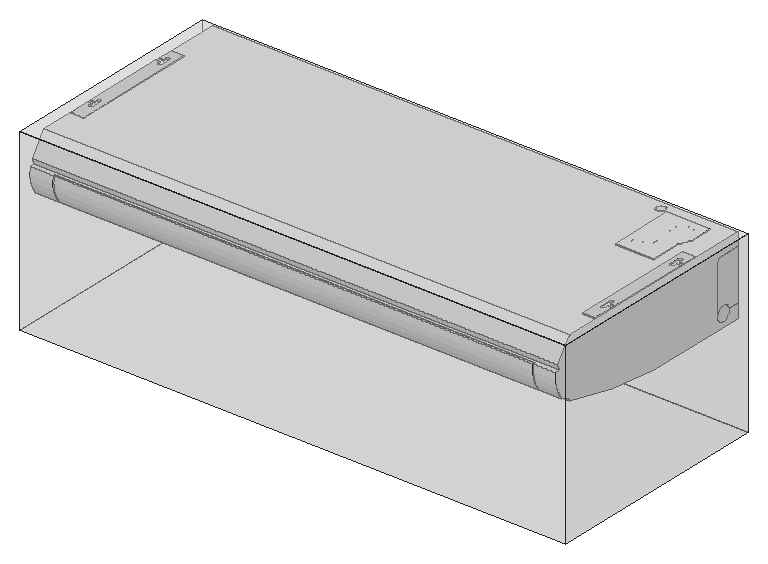
Revit family "outputfile", category 機械設備, Revit 2024
Family settings
  丸型コネクタ寸法 = 半径を使用
  パーツ タイプ = 標準
  OmniClass 番号 = 23.75.10.24.21.27.27
  OmniClass タイトル = Split System Air Conditioning Units
  作業面ベース = いいえ
  常に垂直 = はい
  ロード時にボイドで切り取り = いいえ
  注釈の向きを維持 = いいえ
  共有 = いいえ
  部屋計算ポイント = はい
Parameters (values of type "FHA125CVMA")
  製造元 = "Daikin"
  書き出し IFC クラス(タイプ) = "IfcUnitaryEquipmentType"
  定義済み IFC タイプ(タイプ) = "AIRCONDITIONINGUNIT"
  モデル = "FHA125CVMA"
  switch_frequency = yes
  r_Liquid Pipe Size = Liquid Pipe Size / 2  # 4.75 mm
  r_Gas Pipe Size = Gas Pipe Size / 2  # 7.95 mm
  r_Drain Pipe Size = Drain Pipe Size / 2  # 10.0 mm
  l_powersupply [instance] = if(Rear Right Connection_powersupply, 29.0 mm, 175.0 mm)  # 29.0 mm
  h_mountinghole = 2.0 mm
  connector_voltage = Voltage_50Hz  # 230 V
  connector_powerinput = [Power Input (Cooling)]  # 4.290 kW
  connector_phase = Phase_50Hz  # 1
  angle_vertical_powersupply [instance] = if(Rear Right Connection_powersupply, 90.00°, 180.00°)  # 90.00°
  angle_vertical_drainpipe [instance] = if(or(Left Connection_drainpipe, Right Connection_drainpipe), 90.00°, if(Top Connection_drainpipe, 180.00°, -90.00°))  # -90.00°
  angle_horizontal_powersupply [instance] = if(Rear Right Connection_powersupply, 180.00°, 0.00°)  # 180.00°
  angle_horizontal_drainpipe [instance] = if(Right Connection_drainpipe, 90.00°, if(Left Connection_drainpipe, -90.00°, 0.00°))  # 0.00°
  Voltage_comment_60Hz = "220-230"
  Voltage_comment_50Hz = "220-240"
  Voltage_60Hz = 220 V
  Voltage_50Hz = 230 V
  Total Heating Capacity [instance] = 0.000 kW
  Top Connection_refrigerant [instance] = no
  Top Connection_powersupply [instance] = not(Rear Right Connection_powersupply)  # no
  Right Connection_refrigerant [instance] = no
  Rear Right Connection_refrigerant [instance] = yes
  Phase_60Hz = 1
  Phase_50Hz = 1
  Material_Casing = DAIKIN_White_Casing_indoorunit
  lw_powersupply [instance] = if(Rear Right Connection_powersupply, 220.0 mm, 210.0 mm)  # 220.0 mm
  lw_mountinghole_pitch = Width - 40.0 mm  # 1550.0 mm
  lw_mountinghole = 20.0 mm
  lw_liquidpipe [instance] = if(Right Connection_refrigerant, 156.0 mm, if(Top Connection_refrigerant, 156.0 mm, 136.0 mm))  # 136.0 mm
  lw_gaspipe = 105.0 mm
  lw_drainpipe [instance] = if(Top Connection_drainpipe, 102.0 mm, if(Width = 960.0 mm, if(or(Left Connection_drainpipe, Rear Left Connection_drainpipe), 884.0 mm, 83.0 mm), if(Width = 1270.0 mm, if(or(Left Connection_drainpipe, Rear Left Connection_drainpipe), 1194.0 mm, 83.0 mm), if(Width = 1590.0 mm, if(or(Left Connection_drainpipe, Rear Left Connection_drainpipe), 1514.0 mm, 83.0 mm), 83.0 mm))))  # 83.0 mm
  lh_powersupply = 175.0 mm
  lh_liquidpipe [instance] = if(Rear Right Connection_refrigerant, 160.0 mm, 131.0 mm)  # 160.0 mm
  lh_gaspipe [instance] = if(Rear Right Connection_refrigerant, 150.0 mm, 91.0 mm)  # 150.0 mm
  lh_drainpipe = 197.0 mm
  l_antena = 1.0 mm
  ld_powersupply = 30.0 mm
  ld_mountinghole_pitch = 260.0 mm
  ld_mountinghole = 210.0 mm
  ld_liquidpipe [instance] = if(Right Connection_refrigerant, 57.0 mm, if(Top Connection_refrigerant, 189.0 mm, 221.0 mm))  # 221.0 mm
  ld_gaspipe [instance] = if(Right Connection_refrigerant, 57.0 mm, if(Top Connection_refrigerant, 163.0 mm, 214.0 mm))  # 214.0 mm
  ld_drainpipe [instance] = if(or(Left Connection_drainpipe, Right Connection_drainpipe), 57.0 mm, if(Top Connection_drainpipe, 87.0 mm, 268.0 mm))  # 268.0 mm
  l_liquidpipe_length [instance] = if(Right Connection_refrigerant, 156.0 mm, if(Top Connection_refrigerant, 131.0 mm, 220.0 mm))  # 220.0 mm
  l_gaspipe_length [instance] = if(Right Connection_refrigerant, 105.0 mm, if(Top Connection_refrigerant, 91.0 mm, 213.0 mm))  # 213.0 mm
  l_drainpipe_length [instance] = if(Right Connection_drainpipe, 83.0 mm, if(Top Connection_drainpipe, 197.0 mm, if(Left Connection_drainpipe, 76.0 mm, 267.0 mm)))  # 267.0 mm
  h*** = 0.0 mm
  angle_vertical [instance] = if(Right Connection_refrigerant, 90.00°, if(Top Connection_refrigerant, 180.00°, -90.00°))  # -90.00°
  angle_horizontal [instance] = if(Right Connection_refrigerant, 90.00°, 0.00°)  # 0.00°
  Width = 1590.0 mm
  Version = "ver.1.0"
  Unit Type = "Ceiling"
  Unit Mass Weight = 38.00 kg
  Unit Designation [instance] = ""
  Uniclass2015Version = "Products v1.30"
  Uniclass2015Title = "Split coil room air conditioning units"
  Uniclass2015Code = "Pr_70_65_03_86"
  Total Cooling Capacity [instance] = 0.000 kW
  Top Connection_drainpipe [instance] = no
  Sound Pressure Level_M speed (dBA) = 41
  Sound Pressure Level_L speed (dBA) = 37
  Sound Pressure Level_H speed (dBA) = 44
  Series = "SkyAir_Fan Coil Unit"
  Sensible Cooling Capacity [instance] = 0.000 kW
  Rear Right Connection_drainpipe [instance] = yes
  Rear Right Connection_powersupply [instance] = yes
  Right Connection_drainpipe [instance] = no
  Refrigerant Type = "R32"
  Power Input (Cooling) = 4.290 kW
  Option Accessory 3 [instance] = ""
  Option Accessory 2 [instance] = ""
  Option Accessory 1 [instance] = ""
  Nominal Cooling Capacity = 12.500 kW
  Minimum Airflow = 1380.00 m³/h
  Median Airflow = 1620.00 m³/h
  Maximum Airflow = 1860.00 m³/h
  Load Classification = HVAC
  Liquid Pipe Size = 9.5 mm
  Link_Nested Family [instance] = ""
  Rear Left Connection_drainpipe [instance] = no
  Left Connection_drainpipe [instance] = no
  IfcVersion = ""
  IfcExportType = "AIRCONDITIONINGUNIT"
  IfcExportAs = "IfcUnitaryEquipmentType"
  Height = 235.0 mm
  Heating Entering Wet Bulb Temperature [instance] = -273.15 °C
  Heating Entering Dry Bulb Temperature [instance] = -273.15 °C
  Heating Ambient Wet Bulb Temperature [instance] = -273.15 °C
  Heating Ambient Dry Bulb Temperature [instance] = -273.15 °C
  Heat Exchanger Type = "Cross Fin Coil"
  Gas Pipe Size = 15.9 mm
  Frequency_60Hz = 60 Hz
  Frequency_50Hz = 50 Hz
  Fan Type = "Sirocco Fan"
  Fan Drive = "Direct Drive"
  FCU Tag No. [instance] = ""
  Drain Pipe Size = 20.0 mm
  Design Supply Airflow [instance] = 0.00 m³/h
  Design Outdoor Airflow [instance] = 0.00 m³/h
  Depth = 690.0 mm
  既定の高さ = 0.0 mm
  Cooling Entering Wet Bulb Temperature [instance] = 0.00 °C
  Cooling Entering Dry Bulb Temperature [instance] = 0.00 °C
  Cooling Ambient Wet Bulb Temperature [instance] = 0.00 °C
  Cooling Ambient Dry Bulb Temperature [instance] = 0.00 °C
  Clearance visibility [instance] = yes
  Clearance Top = 5.0 mm
  Clearance Right = 30.0 mm
  Clearance Rear = 0.0 mm
  Clearance Left = 30.0 mm
  Clearance Front = 0.0 mm
  Clearance Bottom = 300.0 mm
Reference planes
  plane 1 "Back": y = 0
  plane 2: z = 0
  plane 3 "Center (Left/Right)": x = 0
  plane 4 "Center (Front/Back)": y = -1
  plane 5 "Front": y = -690
  plane 6 "Left": x = -795
  plane 7 "Right": x = 795
  plane 8 "Top": z = 0
  plane 9 "Bottom": z = -235
  plane 10: y = -690
  plane 11: x = -825
  plane 12: x = 825
  plane 13: z = 5
  plane 14: z = -535
  plane 15: y = 0
  plane 16 "lw_mountinghole": x = -775
  plane 17 "lw_mountinghole2": x = 775
  plane 18 "ld_mountinghole": y = -210
  plane 19 "ld_mountinghole2": y = -470
  plane 20 "lw_gaspipe": x = 690
  plane 21 "ld_gaspipe": y = -214
  plane 22 "lh_gaspipe": z = -150
  plane 23 "lw_liquidpipe": x = 659
  plane 24 "ld_liquidpipe": y = -221
  plane 25 "lh_liquidpipe": z = -160
  plane 26 "ld_drainpipe": y = -268
  plane 27 "lw_drainpipe": x = 712
  plane 28 "lh_drainpipe": z = -197
  plane 29 "lw_powersupply": x = 575
  plane 30 "lh_powersupply": z = -175
  plane 31 "ld_powersupply": y = -30
  plane 32: x = -725.5
  plane 33: x = 725.5
  plane 34: x = -750
  plane 35: x = 750
  plane 36: x = -2
  plane 37: x = 2
Forms (mm)
  Extrusion 1, solid, material "DAIKIN_White_Casing_indoorunit" <- "Material_Casing"
    sketch origin (0, 0, 0) x (0, 1, 0) y (0, 0, 1)
      loop
        line (-639.277, 0) -> (-680.876, -61.699) -> (-675.026, -77.772)
        arc (-675.026, -77.772) -> (-681.815, -78.743) -> (-688.601, -79.732) r 2634.132
        arc (-688.601, -79.732) -> (-687.018, -121.096) -> (-669.159, -158.439) r 102.2
        line (-669.159, -158.439) -> (-639.858, -169.325) -> (-635.895, -178.261)
        arc (-635.895, -178.261) -> (-479.121, -215.759) -> (-319.077, -235) r 1400.997
        line (-319.077, -235) -> (-1, -235) -> (-1, 0) -> (-639.277, 0)
    from -795 to 795
  Extrusion 2, solid, material "DAIKIN_White_Casing_indoorunit" <- "Material_Casing"
    sketch origin (0, 0, 0) x (0, 1, 0) y (0, 0, 1)
      loop
        arc (-688.601, -79.732) -> (-687.018, -121.096) -> (-669.159, -158.439) r 102.2
        line (-669.159, -158.439) -> (-665.589, -154.869)
        arc (-665.589, -154.869) -> (-682.432, -118.783) -> (-683.39, -78.971) r 97.2
        arc (-683.39, -78.971) -> (-685.996, -79.351) -> (-688.601, -79.732) r 2634.132
    from -725.5 to 725.5
  Extrusion 3, void
    sketch origin (0, 0, 0) x (0, 1, 0) y (0, 0, 1)
      loop
        line (-301.098, -235) -> (-21.098, -235) -> (-21.098, -230) -> (-301.098, -230) -> (-301.098, -235)
    from -750 to 750
  Extrusion 4, solid, material "DAIKIN_White_Grille_indoorunit"
    sketch origin (0, 0, 0) x (0, 1, 0) y (0, 0, 1)
      loop
        line (-20.098, -230) -> (-301.098, -230) -> (-301.098, -235) -> (-20.098, -235) -> (-20.098, -230)
    from -750 to -2
  Extrusion 5, solid, material "DAIKIN_White_Casing_indoorunit" <- "Material_Casing"
    sketch origin (0, 0, 0) x (1, 0, 0) y (0, 0, 1)
      loop
        line (602, -63) -> (602, -178) -> (673, -220) -> (736, -220) -> (736, -63) -> (602, -63)
    from 0 to 1
  Extrusion 6, solid, material "DAIKIN_White_Casing_indoorunit" <- "Material_Casing"
    sketch origin (0, 0, 0) x (-1, 0, 0) y (0, -1, 0)
      loop
        line (-607, 35) -> (-607, 230) -> (-723, 230) -> (-723, 135) -> (-738, 105) -> (-738, 35) -> (-607, 35)
    from 0 to 1.9
  Extrusion 7, void
    sketch origin (795, 0, 0) x (0, 1, 0) y (0, 0, 1)
      loop
        arc (-79.5, -197) -> (-55.446, -219.446) -> (-34.715, -193.9) r 22.5
        line (-34.715, -193.9) -> (-1, -193.9) -> (-1, -192.1) -> (-35.04, -192.1)
        arc (-35.04, -192.1) -> (-54.942, -174.594) -> (-77.7, -188.182) r 22.5
        line (-77.7, -188.182) -> (-77.7, -45)
        arc (-77.7, -45) -> (-76.528, -42.172) -> (-73.7, -41) r 4
        line (-73.7, -41) -> (-1, -41) -> (-1, -39.2) -> (-73.7, -39.2)
        arc (-73.7, -39.2) -> (-77.801, -40.899) -> (-79.5, -45) r 5.8
        line (-79.5, -45) -> (-79.5, -197)
      loop
        circle (-57, -197) r 20.7
    from 0 to -10
  Extrusion 8, void
    sketch origin (-1444.026, -1, 1200) x (1, 0, 0) y (0, 0, 1)
      loop
        arc (715.026, -1375) -> (704.42, -1379.393) -> (700.026, -1390) r 15
        line (700.026, -1390) -> (700.026, -1400)
        arc (700.026, -1400) -> (704.42, -1410.607) -> (715.026, -1415) r 15
        line (715.026, -1415) -> (745.026, -1415)
        arc (745.026, -1415) -> (755.633, -1410.607) -> (760.026, -1400) r 15
        line (760.026, -1400) -> (760.026, -1390)
        arc (760.026, -1390) -> (755.633, -1379.393) -> (745.026, -1375) r 15
        line (745.026, -1375) -> (715.026, -1375)
    from 0 to 10
  Extrusion 9, void
    sketch origin (-795, 0, 0) x (0, 1, 0) y (0, 0, 1)
      loop
        circle (-57, -197) r 22.5
    from 0 to 10
  Extrusion 10, void
    sketch origin (-1444.026, -1, 1200) x (1, 0, 0) y (0, 0, 1)
      loop
        circle (2136.026, -1375) r 44
    from 0 to 10
  Extrusion 11, void
    sketch origin (0, 0, 0) x (-1, 0, 0) y (0, -1, 0)
      loop
        circle (-693, 87) r 30
    from 0 to -10
  Extrusion 12, void
    sketch origin (0, 0, 0) x (-1, 0, 0) y (0, -1, 0)
      loop
        circle (-690, 163) r 18
    from 0 to -10
  Extrusion 13, void
    sketch origin (0, 0, 0) x (-1, 0, 0) y (0, -1, 0)
      loop
        circle (-639, 189) r 13
    from 0 to -10
  Extrusion 14, void
    sketch origin (-1444.026, -1, 1200) x (1, 0, 0) y (0, 0, 1)
      loop
        circle (2019.026, -1375) r 14.5
    from 0 to 10
  Extrusion 15, void
    sketch origin (0, 0, 0) x (-1, 0, 0) y (0, -1, 0)
      loop
        circle (-585, 30) r 14.5
    from 0 to -10
  Extrusion 16, void
    sketch origin (795, 0, 0) x (0, 1, 0) y (0, 0, 1)
      loop
        arc (-665.589, -154.869) -> (-682.432, -118.783) -> (-683.39, -78.971) r 97.2
        arc (-683.39, -78.971) -> (-685.996, -79.351) -> (-688.601, -79.732) r 2634.132
        arc (-688.601, -79.732) -> (-687.018, -121.096) -> (-669.159, -158.439) r 102.2
        line (-669.159, -158.439) -> (-665.589, -154.869)
    from -69.5 to -1520.5
  Extrusion 17, solid, material "DAIKIN_White_Casing_indoorunit" <- "Material_Casing"
    sketch origin (-795, 0, 0) x (0, 1, 0) y (0, 0, 1)
      loop
        circle (-57, -197) r 22.5
    from 0 to 10
  Extrusion 18, solid, material "DAIKIN_White_Grille_indoorunit"
    sketch origin (780, 0, 0) x (0, 1, 0) y (0, 0, 1)
      loop
        line (-20.098, -230) -> (-301.098, -230) -> (-301.098, -235) -> (-20.098, -235) -> (-20.098, -230)
    from -782 to -778
  Extrusion 19, solid, material "DAIKIN_White_Grille_indoorunit"
    sketch origin (0, 0, 0) x (0, 1, 0) y (0, 0, -1)
      loop
        line (-20.098, 230) -> (-20.098, 235) -> (-301.098, 235) -> (-301.098, 230) -> (-20.098, 230)
    from -750 to -2
Cuts and joins
  Extrusion 3, Extrusion 7, Extrusion 8, Extrusion 9, Extrusion 10, Extrusion 11, Extrusion 12, Extrusion 13, Extrusion 14, Extrusion 15, Extrusion 16 cuts Extrusion 1
Lines and regions (mm)
  reference lines
    curve 1: line (795, -580.282, -192.75) -> (795, -551.225, -200.21)
Dimensions and locks
  equal spacing: plane 6 "Left", plane 3 "Center (Left/Right)", plane 7 "Right"
  "Width": plane 6 "Left" to plane 7 "Right"
  "Depth": plane 5 "Front" to plane 1 "Back"
  "Height": plane 8 "Top" to plane 9 "Bottom"
  "Clearance Front": plane 10 to plane 5 "Front"
  "Clearance Left": plane 11 to plane 6 "Left"
  "Clearance Right": plane 7 "Right" to plane 12
  "Clearance Top": plane 13 to plane 8 "Top"
  "Clearance Bottom": plane 9 "Bottom" to plane 14
  "Clearance Rear": plane 1 "Back" to plane 15
  locked: plane 4 "Center (Front/Back)" to plane 1 "Back" at 1
  locked: Extrusion 1 sketch curve to Extrusion 1 sketch curve at 235
  locked: Extrusion 1 sketch curve to Extrusion 1 sketch curve at 318.077
  locked: Extrusion 1 sketch curve to Extrusion 1 sketch curve at 1163.297
  locked: Extrusion 1 sketch curve to Extrusion 1 sketch curve at 231.144
  Extrusion 3 sketch curve to Extrusion 3 sketch curve to plane 1 "Back" = 280.0 mm locked, 21.098 mm locked
  "ld_mountinghole": plane 18 "ld_mountinghole" to plane 1 "Back"
  "ld_mountinghole_pitch": plane 18 "ld_mountinghole" to plane 19 "ld_mountinghole2"
  "lw_mountinghole_pitch": plane 16 "lw_mountinghole" to plane 17 "lw_mountinghole2"
  "lw_mountinghole": plane 6 "Left" to plane 16 "lw_mountinghole"
  "lw_gaspipe": plane 20 "lw_gaspipe" to plane 7 "Right"
  "ld_gaspipe": plane 1 "Back" to plane 21 "ld_gaspipe"
  "lw_liquidpipe": plane 23 "lw_liquidpipe" to plane 7 "Right"
  "ld_liquidpipe": plane 1 "Back" to plane 24 "ld_liquidpipe"
  "lw_drainpipe": plane 27 "lw_drainpipe" to plane 7 "Right"
  "ld_drainpipe": plane 26 "ld_drainpipe" to plane 1 "Back"
  plane 8 "Top" to Extrusion 5 sketch curve to Extrusion 5 sketch curve = 63.0 mm locked, 157.0 mm locked
  plane 7 "Right" to Extrusion 5 sketch curve to Extrusion 5 sketch curve = 59.0 mm locked, 134.0 mm locked
  locked: Extrusion 5 sketch curve to Extrusion 5 sketch curve at 115
  locked: Extrusion 5 sketch curve to Extrusion 5 sketch curve at 63
  locked: Extrusion 6 sketch curve to Extrusion 6 sketch curve at 195
  locked: Extrusion 6 sketch curve to Extrusion 6 sketch curve at 116
  locked: Extrusion 6 sketch curve to Extrusion 6 sketch curve at 131
  locked: Extrusion 6 sketch curve to Extrusion 6 sketch curve at 100
  locked: Extrusion 6 sketch curve to plane 1 "Back" at 35
  locked: Extrusion 6 sketch curve to plane 7 "Right" at 57
  locked: Extrusion 8 sketch curve to Extrusion 8 sketch curve at 40
  locked: Extrusion 8 sketch curve to Extrusion 8 sketch curve at 60
  locked: plane 8 "Top" to Extrusion 8 sketch curve at 175
  locked: Extrusion 8 sketch curve to plane 6 "Left" at 51
  locked: plane 7 "Right" to Extrusion 10 sketch curve at 103
  locked: plane 8 "Top" to Extrusion 10 sketch curve at 175
  locked: Extrusion 11 sketch curve to plane 1 "Back" at 87
  locked: Extrusion 11 sketch curve to plane 7 "Right" at 102
  locked: Extrusion 12 sketch curve to plane 1 "Back" at 163
  locked: Extrusion 12 sketch curve to plane 7 "Right" at 105
  locked: Extrusion 13 sketch curve to plane 1 "Back" at 189
  locked: Extrusion 13 sketch curve to plane 7 "Right" at 156
  "lw_powersupply": plane 29 "lw_powersupply" to plane 7 "Right"
  "lh_gaspipe": plane 8 "Top" to plane 22 "lh_gaspipe"
  "lh_liquidpipe": plane 8 "Top" to plane 25 "lh_liquidpipe"
  "lh_powersupply": plane 8 "Top" to plane 30 "lh_powersupply"
  "lh_drainpipe": plane 8 "Top" to plane 28 "lh_drainpipe"
  "ld_powersupply": plane 1 "Back" to plane 31 "ld_powersupply"
  locked: plane 8 "Top" to Extrusion 7 sketch curve at 197
  locked: Extrusion 7 sketch curve to plane 1 "Back" at 57
  locked: plane 9 "Bottom" to Extrusion 7 sketch curve at 41.1
  locked: Extrusion 7 sketch curve to plane 8 "Top" at 41
  locked: Extrusion 7 sketch curve to plane 1 "Back" at 79.5
  locked: Extrusion 9 sketch curve to plane 1 "Back" at 57
  locked: plane 8 "Top" to Extrusion 9 sketch curve at 197
  locked: Extrusion 17 sketch curve to plane 1 "Back" at 57
  locked: plane 8 "Top" to Extrusion 17 sketch curve at 197
  locked: plane 7 "Right" to Extrusion 14 sketch curve at 220
  locked: plane 8 "Top" to Extrusion 14 sketch curve at 175
  locked: Extrusion 15 sketch curve to plane 7 "Right" at 210
  locked: Extrusion 15 sketch curve to plane 1 "Back" at 30
  locked: curve 1 to plane 9 "Bottom" at 34.79
  locked: curve 1 to plane 9 "Bottom" at 42.25
  locked: plane 6 "Left" to plane 32 at 69.5
  locked: plane 33 to plane 7 "Right" at 69.5
  locked: plane 35 to plane 7 "Right" at 45
  locked: plane 6 "Left" to plane 34 at 45
  plane 36 to plane 3 "Center (Left/Right)" to plane 37 = 2.0 mm locked, 2.0 mm locked
  locked: curve 1 to plane 9 "Bottom" (angle 14.40°)
  aligned and locked: level to plane 2
  aligned and locked: nested 1 to plane 11
  aligned and locked: nested 1 to plane 12
  aligned and locked: nested 1 to plane 10
  aligned and locked: plane 13 to nested 1
  aligned and locked: plane 14 to nested 1
  aligned and locked: plane 15 to nested 1
  aligned and locked: Extrusion 1 sketch curve to plane 8 "Top"
  aligned and locked: Extrusion 2 sketch curve to Extrusion 1  (x2)
  aligned and locked: plane 7 "Right" to Extrusion 1
  aligned and locked: Extrusion 1 to plane 6 "Left"
  aligned and locked: cut or joined group 1 (Extrusion 1, Extrusion 3, Extrusion 7, Extrusion 8, Extrusion 9, Extrusion 10, Extrusion 11, Extrusion 12, Extrusion 13, Extrusion 14, Extrusion 15, Extrusion 16) to Extrusion 3 sketch curve
  aligned and locked: cut or joined group 1 to Extrusion 4 sketch curve
  aligned and locked: Extrusion 5 to plane 4 "Center (Front/Back)"
  aligned and locked: Extrusion 7 sketch curve to plane 4 "Center (Front/Back)"
  aligned and locked: Extrusion 16 sketch curve to Extrusion 2  (x4)
  aligned and locked: Extrusion 16 to Extrusion 2  (x2)
  aligned and locked: nested 2 to plane 26 "ld_drainpipe"
  aligned and locked: plane 27 "lw_drainpipe" to nested 2
  aligned and locked: plane 20 "lw_gaspipe" to nested 3
  aligned and locked: nested 3 to plane 21 "ld_gaspipe"
  aligned and locked: plane 23 "lw_liquidpipe" to nested 4
  aligned and locked: nested 4 to plane 24 "ld_liquidpipe"
  aligned and locked: plane 25 "lh_liquidpipe" to nested 4
  aligned and locked: nested 5 to plane 31 "ld_powersupply"
  aligned and locked: plane 29 "lw_powersupply" to nested 5
  aligned and locked: nested 7 to plane 18 "ld_mountinghole"
  aligned and locked: plane 16 "lw_mountinghole" to nested 7
  aligned and locked: nested 6 to plane 19 "ld_mountinghole2"
  aligned and locked: plane 16 "lw_mountinghole" to nested 6
  aligned and locked: nested 9 to plane 18 "ld_mountinghole"
  aligned and locked: plane 17 "lw_mountinghole2" to nested 9
  aligned and locked: plane 17 "lw_mountinghole2" to nested 8
  aligned and locked: nested 8 to plane 19 "ld_mountinghole2"
  aligned and locked: nested 10 to curve 1
  aligned and locked: level to plane 8 "Top"
  aligned and locked: cut or joined group 1 to plane 32
  aligned and locked: plane 33 to cut or joined group 1
  aligned and locked: Extrusion 16 to plane 32
  aligned and locked: plane 33 to Extrusion 16
  aligned and locked: Extrusion 4 to plane 34
  aligned and locked: cut or joined group 1 to plane 34
  aligned and locked: plane 34 to Extrusion 4  (x3)
  aligned and locked: plane 16 "lw_mountinghole" to nested 11
  aligned and locked: plane 17 "lw_mountinghole2" to nested 12
  aligned and locked: plane 36 to Extrusion 4
  aligned and locked: Extrusion 18 to plane 36
  aligned and locked: plane 37 to Extrusion 18
  aligned and locked: Extrusion 19 to plane 37
  aligned and locked: plane 37 to Extrusion 19
  aligned and locked: plane 35 to Extrusion 19
  aligned and locked: plane 35 to Extrusion 3
  aligned and locked: Extrusion 4 to cut or joined group 1
  aligned and locked: cut or joined group 1 to Extrusion 18
  aligned and locked: cut or joined group 1 to Extrusion 19
Automatic sketch dimensions
  Extrusion 1 sketch curve to plane 4 "Center (Front/Back)" = 0.0 mm
  Extrusion 1 sketch curve to plane 5 "Front" = 102.2 mm
  Extrusion 1 sketch curve to plane 30 "lh_powersupply" = 3.261 mm
  Extrusion 1 sketch curve to plane 5 "Front" = 50.723 mm
  plane 30 "lh_powersupply" to Extrusion 1 sketch curve = 5.675 mm
  Extrusion 1 sketch curve to Extrusion 1 sketch curve = 3.963 mm
  plane 25 "lh_liquidpipe" to Extrusion 1 sketch curve = 1.561 mm
  Extrusion 1 sketch curve to plane 5 "Front" = 20.841 mm
  Extrusion 1 sketch curve to plane 5 "Front" = 14.974 mm
  Extrusion 1 sketch curve to plane 5 "Front" = 9.124 mm
  Extrusion 1 sketch curve to plane 26 "ld_drainpipe" = 37.278 mm
  Extrusion 1 sketch curve to plane 14 = 2150.825 mm
  plane 22 "lh_gaspipe" to Extrusion 1 sketch curve = 53.413 mm
  Extrusion 1 sketch curve to level = 77.772 mm
  Extrusion 1 sketch curve to Extrusion 1 sketch curve = 16.072 mm
  Extrusion 2 sketch curve to Extrusion 2 sketch curve = 0.0 mm  (x2)
  plane 25 "lh_liquidpipe" to Extrusion 2 sketch curve = 1.561 mm
  Extrusion 2 sketch curve to plane 22 "lh_gaspipe" = 4.869 mm
  Extrusion 2 sketch curve to Extrusion 2 sketch curve = 3.57 mm
  Extrusion 3 sketch curve to Extrusion 3 sketch curve = 5.0 mm
  plane 31 "ld_powersupply" to Extrusion 4 sketch curve = 9.902 mm
  Extrusion 4 sketch curve to Extrusion 4 sketch curve = 5.0 mm
  Extrusion 6 sketch curve to Extrusion 6 sketch curve = 30.0 mm
  Extrusion 7 sketch curve to Extrusion 7 sketch curve = 0.0 mm  (x6)
  Extrusion 7 sketch curve to plane 4 "Center (Front/Back)" = 0.0 mm
  Extrusion 7 sketch curve to Extrusion 7 sketch curve = 1.8 mm  (x2)
  Extrusion 7 sketch curve to Extrusion 7 sketch curve = 4.0 mm
  Extrusion 7 sketch curve to Extrusion 7 sketch curve = 0.325 mm
  Extrusion 8 sketch curve to plane 32 = 3.5 mm  (x2)
  Extrusion 8 sketch curve to plane 28 "lh_drainpipe" = 3.0 mm
  Extrusion 8 sketch curve to Extrusion 8 sketch curve = 15.0 mm
  curve 1 to plane 5 "Front" = 109.718 mm
  Extrusion 18 sketch curve to plane 9 "Bottom" = 0.0 mm
  plane 9 "Bottom" to Extrusion 18 sketch curve = 5.0 mm
  Extrusion 18 sketch curve to plane 26 "ld_drainpipe" = 33.098 mm
  plane 31 "ld_powersupply" to Extrusion 18 sketch curve = 9.902 mm
  Extrusion 19 sketch curve to plane 9 "Bottom" = 0.0 mm
  plane 9 "Bottom" to Extrusion 19 sketch curve = 5.0 mm
  Extrusion 19 sketch curve to plane 26 "ld_drainpipe" = 33.098 mm
  plane 31 "ld_powersupply" to Extrusion 19 sketch curve = 9.902 mm
  Extrusion 4 sketch curve to plane 26 "ld_drainpipe" = 33.098 mm
  radius of Extrusion 7 sketch curve = 20.7 mm
  radius of Extrusion 9 sketch curve = 22.5 mm
  radius of Extrusion 10 sketch curve = 44.0 mm
  radius of Extrusion 11 sketch curve = 30.0 mm
  radius of Extrusion 12 sketch curve = 18.0 mm
  radius of Extrusion 13 sketch curve = 13.0 mm
  radius of Extrusion 14 sketch curve = 14.5 mm
  radius of Extrusion 15 sketch curve = 14.5 mm
  radius of Extrusion 17 sketch curve = 22.5 mm
Nested families
  nested 1: "daikin_clearancespace" at (0, -345, -264.881), visible <- "Clearance visibility", show <- "Clearance visibility", Link_Nested Family <- "Link_Nested Family", type "daikin_clearancespace"
    with width 1650.0 mm, show yes, height 540.0 mm, depth 690.0 mm, Link_Nested Family ""
  nested 2: "daikin_connector_rotate3" at (712, -268, -197), radius <- "r_Drain Pipe Size", angle_vertical <- "angle_vertical_drainpipe", angle_horizontal <- "angle_horizontal_drainpipe", length <- "l_drainpipe_length", type "daikin_connector_rotate3"
    with show no, radius 10.0 mm, length 267.0 mm, angle_vertical -90.00°, angle_horizontal 0.00°
  nested 3: "daikin_connector_rotate3" at (690, -214, -150), radius <- "r_Gas Pipe Size", angle_vertical <- "angle_vertical", angle_horizontal <- "angle_horizontal", length <- "l_gaspipe_length", type "daikin_connector_rotate3"
    with show no, radius 7.95 mm, length 213.0 mm, angle_vertical -90.00°, angle_horizontal 0.00°
  nested 4: "daikin_connector_rotate3" at (659, -221, -160), radius <- "r_Liquid Pipe Size", angle_vertical <- "angle_vertical", angle_horizontal <- "angle_horizontal", length <- "l_liquidpipe_length", type "daikin_connector_rotate3"
    with show no, radius 4.75 mm, length 220.0 mm, angle_vertical -90.00°, angle_horizontal 0.00°
  nested 5: "daikin_connector_rotate3" at (575, -30, -175), length <- "l_powersupply", angle_vertical <- "angle_vertical_powersupply", angle_horizontal <- "angle_horizontal_powersupply", type "daikin_connector_rotate3"
    with show no, radius 10.0 mm, length 29.0 mm, angle_vertical 90.00°, angle_horizontal 180.00°
  nested 6: "daikin_mountinghole" at (-775, -470, 0), l_antenna <- "l_antena", Link_Nested Family <- "Link_Nested Family", h_mountinghole <- "h_mountinghole", type "daikin_mountinghole"
    with show yes, l_antenna 1.0 mm, h_mountinghole 2.0 mm, Link_Nested Family ""
  nested 7: "daikin_mountinghole" at (-775, -210, 0), l_antenna <- "l_antena", Link_Nested Family <- "Link_Nested Family", h_mountinghole <- "h_mountinghole", type "daikin_mountinghole"
    with show yes, l_antenna 1.0 mm, h_mountinghole 2.0 mm, Link_Nested Family ""
  nested 8: "daikin_mountinghole" at (775, -470, 0), l_antenna <- "l_antena", Link_Nested Family <- "Link_Nested Family", h_mountinghole <- "h_mountinghole", type "daikin_mountinghole"
    with show yes, l_antenna 1.0 mm, h_mountinghole 2.0 mm, Link_Nested Family ""
  nested 9: "daikin_mountinghole" at (775, -210, 0), Link_Nested Family <- "Link_Nested Family", l_antenna <- "l_antena", h_mountinghole <- "h_mountinghole", type "daikin_mountinghole"
    with show yes, l_antenna 1.0 mm, h_mountinghole 2.0 mm, Link_Nested Family ""
  nested 10: "daikin_logo_plane_w40" at (647.963, -559.801, -198.008) x (1, 0, 0) z (0, -0.2487, -0.9686), type "daikin_logo_plane_w40"
    with show_logo yes
  nested 11: "daikin_hangerfixture_FHA-CVMA" at (-775, 0, 0), type "daikin_hangerfixture_FHA-CVMA"
    with width 38.0 mm, height 2.0 mm, depth 380.0 mm
  nested 12: "daikin_hangerfixture_FHA-CVMA" at (775, 0, 0) x (-1, 0, 0) z (0, 0, 1), type "daikin_hangerfixture_FHA-CVMA"
    with width 38.0 mm, height 2.0 mm, depth 380.0 mm
Connectors
  piping at (712, -1, -197), diameter 20, driven by "r_Drain Pipe Size"
    settings: on nested 2, index 1, connector inside diameter 609.6 mm, connector length 0.0 mm, flow factor 0, pipe flow 0.00 m³/h, pressure drop 0.0 Pa, fitting loss kfactor 0, connector angle 0.00°, fixture units 0, engagement length 0.0 mm, angle of deflection 0.00°, flow configuration 1, flow direction 2, fitting loss method 4, system type 16, joint type 0, gender type 0, connector reference index -1, connector utility 0, adjustable connector no, is connector primary yes, connector description "Condensate Drain Piping"
  piping at (690, -1, -150), diameter 15.9, driven by "r_Gas Pipe Size"
    settings: on nested 3, index 3, connector inside diameter 609.6 mm, connector length 0.0 mm, flow factor 0, pipe flow 0.00 m³/h, pressure drop 0.0 Pa, fitting loss kfactor 0, connector angle 0.00°, fixture units 0, engagement length 0.0 mm, angle of deflection 0.00°, flow configuration 1, flow direction 2, fitting loss method 0, system type 29, joint type 0, gender type 0, connector reference index -1, connector utility 0, adjustable connector no, is connector primary no, connector description "Refrigerant Gas Piping"
  piping at (659, -1, -160), diameter 9.5, driven by "r_Liquid Pipe Size"
    settings: on nested 4, index 4, connector inside diameter 609.6 mm, connector length 0.0 mm, flow factor 0, pipe flow 0.00 m³/h, pressure drop 0.0 Pa, fitting loss kfactor 0, connector angle 0.00°, fixture units 0, engagement length 0.0 mm, angle of deflection 0.00°, flow configuration 1, flow direction 1, fitting loss method 0, system type 29, joint type 0, gender type 0, connector reference index -1, connector utility 0, adjustable connector no, is connector primary no, connector description "Refrigerant Liquid Piping"
  electrical at (575, -1, -175), driven by "Load Classification", driven by "connector_powerinput", driven by "connector_phase", driven by "connector_voltage"
    settings: on nested 5, index 6, voltage 230 V, apparent load 4290 VA, apparent load phase1 0 VA, apparent load phase2 0 VA, apparent load phase3 0 VA, power factor 1, load classification "HVAC", number of poles 1, system type 30, power factor state 1, is connector primary yes, connector utility no, sub classification motor no, connector description "Power Supply"
Definition of nested family "daikin_clearancespace"
  Parameters (values of type "daikin_clearancespace")
    Description = "daikin_clearancespace"
    width [instance] = 1823.963 mm
    show [instance] = yes
    material = none
    height [instance] = 1359.762 mm
    depth [instance] = 880.0 mm
    Default Elevation = 0.0 mm
    Link_Nested Family [instance] = ""
  Reference planes
    plane 1 "Center (Front/Back)": y = 0
    plane 2 "Center (Elevation)": z = -0.119
    plane 3 "Center (Left/Right)": x = 0
    plane 4: y = 440
    plane 5: y = -440
    plane 6 "Right": x = 911.982
    plane 7 "Left": x = -911.982
    plane 8 "Top": z = 679.762
    plane 9 "Bottom": z = -680
  Forms (mm)
    Extrusion 1, solid, material <- "material", visible <- "show"
      sketch origin (0, 0, 0) x (1, 0, 0) y (0, 1, 0)
        loop
          line (-911.982, 440) -> (-911.982, -440) -> (911.982, -440) -> (911.982, 440) -> (-911.982, 440)
      from -680 to 679.762
  Lines and regions (mm)
    symbolic lines, visible <- "show"
      curve 1: line (911.982, 440, 0) -> (-911.982, 440, 0)
      curve 2: line (-911.982, 440, 0) -> (-911.982, -440, 0)
      curve 3: line (-911.982, -440, 0) -> (911.982, -440, 0)
      curve 4: line (911.982, -440, 0) -> (911.982, 440, 0)
      curve 5: line (911.982, 0, 679.762) -> (-911.982, 0, 679.762)
      curve 6: line (911.982, 0, -680) -> (911.982, 0, 679.762)
      curve 7: line (-911.982, 0, -680) -> (911.982, 0, -680)
      curve 8: line (-911.982, 0, 679.762) -> (-911.982, 0, -680)
      curve 9: line (0, 440, 679.762) -> (0, -440, 679.762)
      curve 10: line (0, -440, 679.762) -> (0, -440, -680)
      curve 11: line (0, 440, -680) -> (0, 440, 679.762)
      curve 12: line (0, -440, -680) -> (0, 440, -680)
  Dimensions and locks
    "width": plane 7 "Left" to plane 6 "Right"
    "depth": plane 4 to plane 5
    "height": plane 8 "Top" to plane 9 "Bottom"
    equal spacing: plane 7 "Left", plane 3 "Center (Left/Right)", plane 6 "Right"
    equal spacing: plane 4, plane 1 "Center (Front/Back)", plane 5
    equal spacing: plane 8 "Top", plane 2 "Center (Elevation)", plane 9 "Bottom"
    aligned and locked: level to plane 2 "Center (Elevation)"
    aligned and locked: Extrusion 1 sketch curve to plane 4
    aligned and locked: plane 7 "Left" to Extrusion 1 sketch curve
    aligned and locked: Extrusion 1 sketch curve to plane 5
    aligned and locked: Extrusion 1 sketch curve to plane 6 "Right"
    aligned and locked: plane 8 "Top" to Extrusion 1
    aligned and locked: curve 1 to Extrusion 1
    aligned and locked: curve 2 to Extrusion 1
    aligned and locked: curve 3 to Extrusion 1
    aligned and locked: curve 4 to Extrusion 1
    aligned and locked: curve 5 to Extrusion 1
    aligned and locked: curve 6 to Extrusion 1
    aligned and locked: curve 7 to Extrusion 1
    aligned and locked: curve 8 to Extrusion 1
    aligned and locked: curve 9 to Extrusion 1
    aligned and locked: curve 10 to Extrusion 1
    aligned and locked: curve 11 to Extrusion 1
    aligned and locked: curve 12 to Extrusion 1
    aligned and locked: Extrusion 1 to plane 9 "Bottom"
Definition of nested family "daikin_logo_plane_w40"
  Parameters (values of type "daikin_logo_plane_w40")
    width = 40.0 mm
    show_logo [instance] = yes
    material = none
    height = 0.0 mm
    depth = 0.0 mm
    Default Elevation = 1219.2 mm
  Reference planes
    plane 1 "Center (Front/Back)": y = 0
    plane 2: z = 0
    plane 3 "Center (Left/Right)": x = 0
    plane 4: z = 2
    plane 5 "left": x = -19
    plane 6: x = 19
  Forms (mm)
    Extrusion 1, solid, visible <- "show_logo"
      sketch origin (-19, 0, 0) x (1, 0, 0) y (0, 1, 0)
        loop
          line (8.902, -1.878) -> (7.789, -6.332) -> (11.13, -6.332)
          arc (11.13, -6.332) -> (12.454, -6.064) -> (13.472, -5.176) r 2.642
          arc (13.472, -5.176) -> (13.92, -4.02) -> (13.767, -2.79) r 2.537
          arc (13.767, -2.79) -> (13.452, -2.342) -> (12.982, -2.06) r 1.321
          arc (12.982, -2.06) -> (12.063, -1.902) -> (11.13, -1.878) r 6.479
          line (11.13, -1.878) -> (8.902, -1.878)
        loop
          line (10.016, -5.441) -> (10.907, -5.441)
          arc (10.907, -5.441) -> (11.591, -4.983) -> (11.988, -4.261) r 1.742
          spline (11.988, -4.261) -> (12.01, -4.155) -> (12.027, -4.03) -> (12.037, -3.893) -> (12.037, -3.747) -> (12.026, -3.598) -> (12.002, -3.451) -> (11.962, -3.31) -> (11.905, -3.181) -> (11.829, -3.069) -> (11.731, -2.978) -> (11.61, -2.913) -> (11.464, -2.88)
          line (11.464, -2.88) -> (10.573, -2.88) -> (10.016, -5.441)
        loop
          line (13.58, -6.332) -> (14.805, -6.332) -> (15.223, -5.553) -> (16.977, -5.553) -> (17.144, -6.332) -> (19.149, -6.332) -> (18.258, -1.878) -> (16.03, -1.878) -> (13.58, -6.332)
        loop
          line (16.476, -3.214) -> (15.76, -4.551) -> (16.762, -4.551) -> (16.476, -3.214)
        loop
          line (19.705, -6.332) -> (21.599, -6.332) -> (22.712, -1.878) -> (20.819, -1.878) -> (19.705, -6.332)
        loop
          line (22.712, -6.332) -> (24.606, -6.332) -> (24.908, -5.122) -> (25.831, -6.332) -> (28.17, -6.332) -> (26.388, -3.994) -> (28.949, -1.878) -> (26.945, -1.878) -> (25.401, -3.153) -> (25.719, -1.878) -> (23.826, -1.878) -> (22.712, -6.332)
        loop
          line (29.84, -1.878) -> (28.615, -6.332) -> (30.62, -6.332) -> (31.734, -1.878) -> (29.84, -1.878)
        loop
          line (31.734, -6.332) -> (33.07, -6.332) -> (33.7, -3.814) -> (34.518, -6.332) -> (36.745, -6.332) -> (37.859, -1.878) -> (36.523, -1.878) -> (35.845, -4.589) -> (34.963, -1.878) -> (32.847, -1.878) -> (31.734, -6.332)
      from 0 to 2
    Extrusion 2, solid, visible <- "show_logo"
      sketch origin (-19, 0, 0) x (1, 0, 0) y (0, 1, 0)
        loop
          line (8.7, 0) -> (4.235, 0) -> (0, -3.879) -> (0, -8) -> (8.7, 0)
      from 0 to 2
    Extrusion 3, solid, visible <- "show_logo"
      sketch origin (-19, 0, 0) x (1, 0, 0) y (0, 1, 0)
        loop
          line (0, 0) -> (0, -3.879) -> (4.235, 0) -> (0, 0)
      from 0 to 2
  Dimensions and locks
    plane 4 to plane 2 = 2.0 mm
    equal spacing: plane 5 "left", plane 3 "Center (Left/Right)", plane 6
    locked: plane 5 "left" to plane 6 at 38
    aligned and locked: level to plane 2
    aligned and locked: Extrusion 3 to plane 1 "Center (Front/Back)"  (x2)
    aligned and locked: Extrusion 2 to plane 1 "Center (Front/Back)"  (x2)
    aligned and locked: plane 4 to Extrusion 1
    aligned and locked: plane 4 to Extrusion 3
    aligned and locked: plane 4 to Extrusion 2
    aligned and locked: Extrusion 3 to plane 5 "left"
    aligned and locked: Extrusion 2 to plane 5 "left"
  Automatic sketch dimensions
    Extrusion 1 sketch curve to Extrusion 1 sketch curve = 0.901 mm
    Extrusion 1 sketch curve to Extrusion 1 sketch curve = 1.559 mm
    Extrusion 1 sketch curve to Extrusion 1 sketch curve = 1.327 mm
    Extrusion 1 sketch curve to Extrusion 1 sketch curve = 2.145 mm
    Extrusion 1 sketch curve to Extrusion 1 sketch curve = 1.448 mm
    Extrusion 1 sketch curve to Extrusion 1 sketch curve = 2.116 mm
    Extrusion 1 sketch curve to Extrusion 1 sketch curve = 1.114 mm  (x4)
    Extrusion 1 sketch curve to Extrusion 1 sketch curve = 1.336 mm  (x2)
    plane 1 "Center (Front/Back)" to Extrusion 1 sketch curve = 1.878 mm  (x5)
    Extrusion 1 sketch curve to Extrusion 1 sketch curve = 1.893 mm  (x5)
    Extrusion 1 sketch curve to Extrusion 1 sketch curve = 0.891 mm  (x4)
    Extrusion 1 sketch curve to Extrusion 1 sketch curve = 2.005 mm  (x3)
    Extrusion 1 sketch curve to Extrusion 1 sketch curve = 0.445 mm  (x2)
    plane 1 "Center (Front/Back)" to Extrusion 1 sketch curve = 3.994 mm
    Extrusion 1 sketch curve to Extrusion 1 sketch curve = 0.557 mm  (x2)
    Extrusion 1 sketch curve to Extrusion 1 sketch curve = 2.339 mm  (x2)
    Extrusion 1 sketch curve to Extrusion 1 sketch curve = 1.225 mm  (x3)
    plane 1 "Center (Front/Back)" to Extrusion 1 sketch curve = 3.153 mm
    Extrusion 1 sketch curve to Extrusion 1 sketch curve = 0.987 mm
    plane 1 "Center (Front/Back)" to Extrusion 1 sketch curve = 5.122 mm
    Extrusion 1 sketch curve to Extrusion 1 sketch curve = 0.922 mm
    plane 1 "Center (Front/Back)" to Extrusion 1 sketch curve = 6.332 mm
    Extrusion 1 sketch curve to Extrusion 1 sketch curve = 2.562 mm
    plane 1 "Center (Front/Back)" to Extrusion 1 sketch curve = 5.553 mm
    Extrusion 1 sketch curve to Extrusion 1 sketch curve = 0.167 mm
    Extrusion 1 sketch curve to Extrusion 1 sketch curve = 0.215 mm
    plane 1 "Center (Front/Back)" to Extrusion 1 sketch curve = 3.214 mm
    Extrusion 1 sketch curve to Extrusion 1 sketch curve = 0.286 mm
    plane 1 "Center (Front/Back)" to Extrusion 1 sketch curve = 4.551 mm
    Extrusion 1 sketch curve to Extrusion 1 sketch curve = 1.002 mm
    Extrusion 1 sketch curve to Extrusion 1 sketch curve = 0.537 mm
    Extrusion 1 sketch curve to Extrusion 1 sketch curve = 0.418 mm
    Extrusion 1 sketch curve to Extrusion 1 sketch curve = 1.028 mm
    plane 1 "Center (Front/Back)" to Extrusion 1 sketch curve = 4.261 mm
    Extrusion 1 sketch curve to Extrusion 1 sketch curve = 0.563 mm
    plane 1 "Center (Front/Back)" to Extrusion 1 sketch curve = 2.88 mm
    Extrusion 1 sketch curve to Extrusion 1 sketch curve = 1.088 mm
    Extrusion 1 sketch curve to Extrusion 1 sketch curve = 2.152 mm
    Extrusion 1 sketch curve to Extrusion 1 sketch curve = 0.586 mm
    Extrusion 1 sketch curve to Extrusion 1 sketch curve = 0.118 mm
    Extrusion 1 sketch curve to Extrusion 1 sketch curve = 0.298 mm
    Extrusion 1 sketch curve to Extrusion 1 sketch curve = 0.334 mm
    Extrusion 1 sketch curve to Extrusion 1 sketch curve = 0.223 mm
    Extrusion 1 sketch curve to Extrusion 1 sketch curve = 0.266 mm
    Extrusion 1 sketch curve to Extrusion 1 sketch curve = 1.671 mm
    Extrusion 1 sketch curve to Extrusion 1 sketch curve = 2.227 mm
    Extrusion 1 sketch curve to Extrusion 1 sketch curve = 0.0 mm  (x7)
    Extrusion 1 sketch curve to Extrusion 1 sketch curve = 3.453 mm
    Extrusion 1 sketch curve to Extrusion 1 sketch curve = 2.017 mm
    Extrusion 1 sketch curve to Extrusion 1 sketch curve = 0.78 mm  (x2)
    Extrusion 1 sketch curve to Extrusion 1 sketch curve = 1.743 mm
    Extrusion 1 sketch curve to Extrusion 1 sketch curve = 0.775 mm
    Extrusion 1 sketch curve to Extrusion 1 sketch curve = 0.552 mm
    Extrusion 1 sketch curve to Extrusion 1 sketch curve = 0.014 mm
    Extrusion 1 sketch curve to Extrusion 1 sketch curve = 0.952 mm
    Extrusion 1 sketch curve to Extrusion 1 sketch curve = 1.215 mm
    Extrusion 1 sketch curve to Extrusion 1 sketch curve = 0.108 mm
    plane 1 "Center (Front/Back)" to Extrusion 2 sketch curve = 0.0 mm
    Extrusion 2 sketch curve to plane 3 "Center (Left/Right)" = 19.0 mm
    Extrusion 2 sketch curve to plane 3 "Center (Left/Right)" = 14.765 mm
    Extrusion 2 sketch curve to Extrusion 2 sketch curve = 4.465 mm
    plane 1 "Center (Front/Back)" to Extrusion 2 sketch curve = 3.879 mm
    Extrusion 2 sketch curve to Extrusion 2 sketch curve = 4.12 mm
    plane 1 "Center (Front/Back)" to Extrusion 3 sketch curve = 0.0 mm
    Extrusion 3 sketch curve to plane 3 "Center (Left/Right)" = 19.0 mm
    Extrusion 3 sketch curve to plane 3 "Center (Left/Right)" = 14.765 mm
    plane 1 "Center (Front/Back)" to Extrusion 3 sketch curve = 3.879 mm
    Extrusion 1 sketch curve to plane 3 "Center (Left/Right)" = 11.211 mm
    Extrusion 1 sketch curve to Extrusion 1 sketch curve = 1.782 mm
Definition of nested family "daikin_hangerfixture_FHA-CVMA"
  Parameters (values of type "daikin_hangerfixture_FHA-CV2S")
    width = 44.0 mm
    material = none
    height = 155.0 mm
    depth = 33.0 mm
    Default Elevation = 0.0 mm
  Reference planes
    plane 1 "Center (Front/Back)": y = 0
    plane 2: z = 0
    plane 3 "Center (Left/Right)": x = 0
    plane 4: z = -2.3
    plane 5: z = -155
    plane 6: z = -12
  Forms (mm)
    Extrusion 1, solid
      sketch origin (0, 0, 0) x (1, 0, 0) y (0, 1, 0)
        loop
          line (20, -159) -> (-18, -159) -> (-18, -204) -> (-6, -204) -> (-6, -196)
          arc (-6, -196) -> (0, -190) -> (6, -196) r 6
          line (6, -196) -> (6, -224)
          arc (6, -224) -> (0, -230) -> (-6, -224) r 6
          line (-6, -224) -> (-6, -216) -> (-18, -216) -> (-18, -464) -> (-6, -464) -> (-6, -456)
          arc (-6, -456) -> (0, -450) -> (6, -456) r 6
          line (6, -456) -> (6, -484)
          arc (6, -484) -> (0, -490) -> (-6, -484) r 6
          line (-6, -484) -> (-6, -476) -> (-18, -476) -> (-18, -539) -> (20, -539) -> (20, -159)
      from 0 to 2
  Dimensions and locks
    plane 2 to plane 4 = 2.3 mm
    "height": plane 2 to plane 5
    locked: plane 2 to plane 6 at 12
    aligned and locked: level to plane 2
  Automatic sketch dimensions
    plane 3 "Center (Left/Right)" to Extrusion 1 sketch curve = 20.0 mm
    plane 1 "Center (Front/Back)" to Extrusion 1 sketch curve = 159.0 mm
    Extrusion 1 sketch curve to plane 3 "Center (Left/Right)" = 18.0 mm
    Extrusion 1 sketch curve to Extrusion 1 sketch curve = 380.0 mm
    Extrusion 1 sketch curve to Extrusion 1 sketch curve = 63.0 mm
    Extrusion 1 sketch curve to plane 3 "Center (Left/Right)" = 0.0 mm  (x4)
    plane 3 "Center (Left/Right)" to Extrusion 1 sketch curve = 6.0 mm
    Extrusion 1 sketch curve to Extrusion 1 sketch curve = 8.0 mm  (x4)
    Extrusion 1 sketch curve to Extrusion 1 sketch curve = 20.0 mm  (x2)
    Extrusion 1 sketch curve to Extrusion 1 sketch curve = 0.0 mm  (x2)
    Extrusion 1 sketch curve to Extrusion 1 sketch curve = 57.0 mm
    Extrusion 1 sketch curve to plane 3 "Center (Left/Right)" = 6.0 mm
Definition of nested family "daikin_connector_rotate3"
  Parameters (values of type "daikin_connector_rotate3")
    show [instance] = yes
    radius [instance] = 10.0 mm
    length [instance] = 600.0 mm
    angle_horizontal [instance] = 60.00°
    angle_vertical [instance] = 90.00°
    Default Elevation = 1219.2 mm
  Reference planes
    plane 1 "Center (Front/Back)": y = 0
    plane 2: z = 0
    plane 3 "Center (Left/Right)": x = 0
  Dimensions and locks
    "angle_horizontal": angle plane 3 "Center (Left/Right)" to nested 1
    aligned and locked: level to plane 2
    aligned and locked: plane 1 "Center (Front/Back)" to nested 1  (x2)
    aligned and locked: plane 3 "Center (Left/Right)" to nested 1
  Nested families
    nested 1: "daikin_connector_rotate2" at (0, 0, 0) x (0.5, 0.866, 0) z (0, 0, 1), angle_vertical <- "angle_vertical", length <- "length", radius <- "radius", type "daikin_connector_rotate2"
      with radius 10.0 mm, length 600.0 mm, angle_vertical 90.00°
  Definition of nested family "daikin_connector_rotate2"
    Parameters (values of type "daikin_connector_rotate2")
      show_face = yes
      radius [instance] = 10.0 mm
      length [instance] = 600.0 mm
      d_surface = 10.0 mm
      angle_vertical [instance] = 90.00°
      Default Elevation = 0.0 mm
    Reference planes
      plane 1 "Center (Front/Back)": y = 0
      plane 2: z = 0
      plane 3 "Center (Left/Right)": x = 0
    Forms (mm)
      Extrusion 1, solid, visible <- "show_face"
        sketch origin (0, -600, 0) x (1, 0, 0) y (0, 0, 1)
          loop
            circle (0, 0) r 10
        from 0 to -10
    Lines and regions (mm)
      reference lines
        curve 1: line (0, 0, 0) -> (0, -600, 0)
      symbolic lines
        curve 2: circle (0, 0, 0) r 5 normal (0, 0, 1)
      model lines, visible <- "show_face"
        curve 3: line (0, 0, 0) -> (0, -600, 0)
    Dimensions and locks
      "length": curve 1 to curve 1
      "length": curve 3 to curve 3
      "d_surface": Extrusion 1 to Extrusion 1
      "radius": radius of Extrusion 1 sketch curve
      "angle_vertical": angle curve 1 to plane 1 "Center (Front/Back)"
      "angle_vertical": angle curve 3 to plane 1 "Center (Front/Back)"
      aligned and locked: level to plane 2
      aligned and locked: plane 1 "Center (Front/Back)" to curve 1
      aligned and locked: plane 2 to curve 1
      aligned and locked: plane 1 "Center (Front/Back)" to curve 2
      aligned and locked: plane 3 "Center (Left/Right)" to curve 2
      aligned and locked: plane 1 "Center (Front/Back)" to curve 3
      aligned and locked: plane 2 to curve 3
      aligned and locked: Extrusion 1 to Extrusion 1
    Automatic sketch dimensions
      Extrusion 1 sketch curve to level = 0.0 mm
      Extrusion 1 sketch curve to plane 3 "Center (Left/Right)" = 0.0 mm
      radius of curve 2 = 5.0 mm
Definition of nested family "daikin_mountinghole"
  Parameters (values of type "daikin_mountinghole")
    Default Elevation = 1219.2 mm
    Type Comments = "mountinghole"
    show [instance] = yes
    material = none
    l_centerline = 100.0 mm
    l_antenna [instance] = 100.0 mm
    h_mountinghole [instance] = 0.0 mm
    d_circle = 30.0 mm
    Link_Nested Family [instance] = ""
  Reference planes
    plane 1 "Center (Front/Back)": y = 0
    plane 2: z = 0
    plane 3 "Center (Left/Right)": x = 0
    plane 4: y = 50
    plane 5: x = -50
    plane 6: x = 50
    plane 7: y = -50
    plane 8 "h_mountinghole": z = 0
    plane 9: z = 100
  Lines and regions (mm)
    model lines, detail levels fine
      curve 1: circle (0, 0, 0) r 15 normal (0, 0, 1)
      curve 2: line (-50, 0, 0) -> (50, 0, 0)
      curve 3: line (0, 50, 0) -> (0, -50, 0)
    symbolic lines, detail levels fine
      curve 4: circle (0, 0, 0) r 15 normal (0, 0, 1)
      curve 5: line (-50, 0, 0) -> (50, 0, 0)
      curve 6: line (0, 50, 0) -> (0, -50, 0)
    model lines
      curve 7: line (0, 0, 100) -> (0, 0, 0)
  Dimensions and locks
    equal spacing: plane 4, plane 1 "Center (Front/Back)", plane 7
    "l_centerline": plane 4 to plane 7
    equal spacing: plane 5, plane 3 "Center (Left/Right)", plane 6
    "l_centerline": plane 5 to plane 6
    "l_antenna": plane 9 to plane 8 "h_mountinghole"
    "h_mountinghole": plane 8 "h_mountinghole" to plane 2
    "d_circle": diameter of curve 1
    "d_circle": diameter of curve 4
    aligned and locked: level to plane 2
    aligned and locked: plane 1 "Center (Front/Back)" to curve 1
    aligned and locked: plane 3 "Center (Left/Right)" to curve 1
    aligned and locked: plane 1 "Center (Front/Back)" to curve 2
    aligned and locked: curve 3 to plane 3 "Center (Left/Right)"
    aligned and locked: plane 6 to curve 2
    aligned and locked: plane 5 to curve 2
    aligned and locked: plane 4 to curve 3
    aligned and locked: plane 7 to curve 3
    aligned and locked: plane 1 "Center (Front/Back)" to curve 4
    aligned and locked: plane 3 "Center (Left/Right)" to curve 4
    aligned and locked: plane 6 to curve 5
    aligned and locked: plane 5 to curve 5
    aligned and locked: plane 1 "Center (Front/Back)" to curve 5
    aligned and locked: plane 4 to curve 6
    aligned and locked: plane 7 to curve 6
    aligned and locked: curve 6 to plane 3 "Center (Left/Right)"
    aligned and locked: curve 7 to plane 3 "Center (Left/Right)"
    aligned and locked: plane 9 to curve 7
    aligned and locked: plane 8 "h_mountinghole" to curve 7
